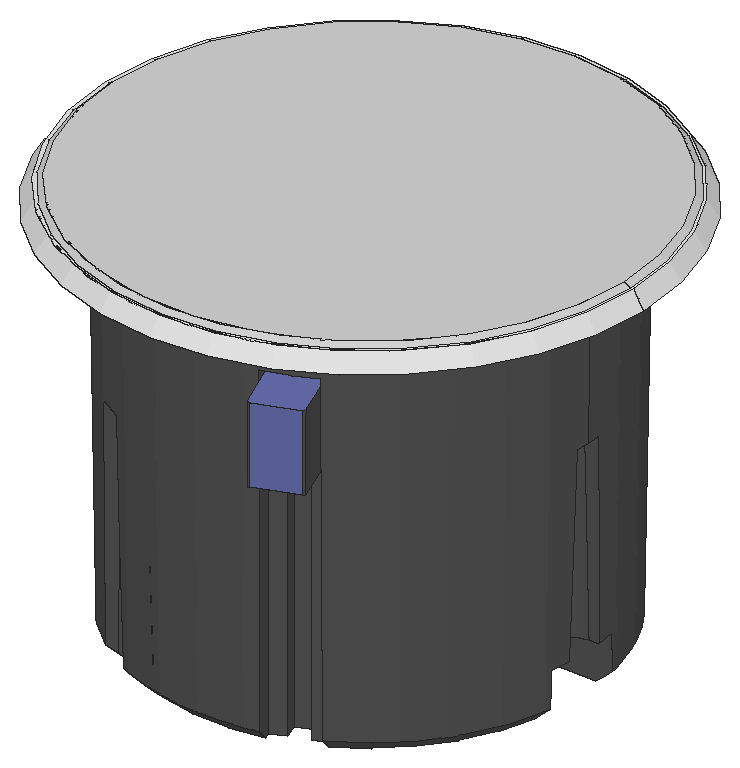
Revit family "QCI3", category Communication Devices, Revit 2020
Family settings
  Maintain Annotation Orientation = No
  Round Connector Dimension = Use Diameter
  Part Type = Normal
  Work Plane-Based = Yes
  Always vertical = No
  Cut with Voids When Loaded = Yes
  Shared = No
  Room Calculation Point = No
Parameters
  Weight (kg) [instance] = 0.9  # constant formula
  Thickness [instance] = 12 mm
  Square Grille [instance] = no
  Sensitivity [instance] = 84  # constant formula
  SPL Max (Peak) [instance] = 106  # constant formula
  Round Grille [instance] = yes
  Power Handling (Average) [instance] = 40  # constant formula
  Model = "QCI3"
  Manufacturer = "Tannoy"
  Impedance [instance] = 8  # constant formula
  Default Elevation = 0 mm
  Baffle Thickness [instance] = -Thickness  # -12 mm
Reference planes
  plane 1 "Center (Front/Back)": y = 0
  plane 2: z = 0
  plane 3 "Center (Left/Right)": x = 0
Forms (mm)
  Extrusion 1, solid, not visible
    sketch origin (0, 0, 0) x (1, 0, 0) y (0, 1, 0)
      loop
        line (-500, 500) -> (-500, -500) -> (500, -500) -> (500, 500) -> (-500, 500)
    from 0 to -12 <- "Baffle Thickness"
  Extrusion 2, void
    sketch origin (0, 0, 0) x (1, 0, 0) y (0, 1, 0)
      loop
        circle (0, 0) r 58.5
    from 0 to -12 <- "Baffle Thickness"
Cuts and joins
  Extrusion 2 cuts Extrusion 1
Dimensions and locks
  aligned and locked: level to plane 2
Nested families
  nested 1: "QCI3 - base2" at (0, 0, 0) x (1, 0, 0) z (0, 0, -1), Round Grille <- "Round Grille", Square Grille <- "Square Grille", Thickness <- "Thickness", type "QCI3 - base2"
    with Thickness 12 mm, Square Grille no, Round Grille yes
Connectors
  electrical at (31.673, 0.001, -99.1)
    settings: on nested 1, index 1, voltage 0 V, apparent load 0 VA, apparent load phase1 0 VA, apparent load phase2 0 VA, apparent load phase3 0 VA, power factor 1, load classification "Other", number of poles 1, system type 14, power factor state 1, is connector primary yes, connector utility no, sub classification motor no, connector description "Speaker In - 2pin"
Definition of nested family "QCI3 - base2"
  Parameters (values of type "QCI3 - base2")
    Thickness [instance] = 12 mm
    Square Grille [instance] = no
    Round Grille [instance] = yes
    Model = "QCI3"
    Manufacturer = "Tannoy"
    Default Elevation = 0 mm
  Reference planes
    plane 1 "Center (Front/Back)": y = 0
    plane 2: z = 0
    plane 3 "Center (Left/Right)": x = 0
  Lines and regions (mm)
    model lines, detail levels coarse
      curve 1: circle (0, 0, 0) r 90 normal (0, 0, 1)
  Dimensions and locks
    aligned and locked: level to plane 2
  Nested families
    nested 1: "QCI3 - base" at (0, 0, 0) x (1, 0, 0) z (0, 0, -1), Thickness <- "Thickness", type "QCI3 - base", detail levels medium+fine
      with Thickness 12 mm, Ear Start -12 mm, Ear End -32 mm
    nested 2: "QCI3 - Round Grille" at (0, 0, 0) x (1, 0, 0) z (0, 0, -1), visible <- "Round Grille", type "QCI3 - Round Grille", detail levels medium+fine
    nested 3: "QCI3 - Square Grille" at (0, 0, 0) x (1, 0, 0) z (0, 0, -1), visible <- "Square Grille", type "QCI3 - Square Grille", detail levels medium+fine
  Definition of nested family "QCI3 - base"
    Parameters (values of type "QCI3 - base")
      Thickness [instance] = 12 mm
      Model = "QCI3"
      Manufacturer = "Tannoy"
      Ear Start [instance] = if((Thickness < 9.5 mm), -9.5 mm, -Thickness)  # -12 mm
      Ear End [instance] = if((Thickness < 9.5 mm), -9.5 mm, -Thickness) - 20 mm  # -32 mm
      Default Elevation = 0 mm
    Reference planes
      plane 1 "Center (Front/Back)": y = 0
      plane 2: z = 0
      plane 3 "Center (Left/Right)": x = 0
    Forms (mm)
      Extrusion 1, solid
        sketch origin (0, 0, 0) x (1, 0, 0) y (0, 1, 0)
          loop
            circle (0, 0) r 67.146
        from 0 to 3.2
      Blend 2, solid
        base sketch origin (0, 0, 0) x (1, 0, 0) y (0, 1, 0)
          loop
            circle (0, 0) r 58.5
        top sketch origin (0, 0, 0) x (1, 0, 0) y (0, 1, 0)
          loop
            circle (0, 0) r 57
        from 0 to -96.4
      Blend 3, solid
        base sketch origin (0, 0, 0) x (1, 0, 0) y (0, 1, 0)
          loop
            circle (0, 0) r 57
        top sketch origin (0, 0, 0) x (1, 0, 0) y (0, 1, 0)
          loop
            circle (0, 0) r 53
        from -96.4 to -100
      Blend 4, void
        base sketch origin (0, 0, 0) x (1, 0, 0) y (0, 1, 0)
          loop
            arc (53.345, 25.795) -> (-59.263, 0.001) -> (53.345, -25.792) r 59.258
            line (53.345, -25.792) -> (53.345, 25.795)
        top sketch origin (0, 0, 0) x (1, 0, 0) y (0, 1, 0)
          loop
            arc (36.434, 15.392) -> (-39.561, 0.001) -> (36.434, -15.389) r 39.556
            arc (36.434, -15.389) -> (39.551, 0.001) -> (36.434, 15.392) r 39.556
        from 3.2 to -10
      Blend 5, void
        base sketch origin (0, 0, 0) x (1, 0, 0) y (0, 1, 0)
          loop
            circle (0, 0) r 28.531
        top sketch origin (0, 0, 0) x (1, 0, 0) y (0, 1, 0)
          loop
            circle (0, 0) r 13.405
        from -10 to -16
      Extrusion 6, void
        sketch origin (0, 0, 3.2) x (1, 0, 0) y (0, 1, 0)
          loop
            line (-50.784, 6.798) -> (-58.872, 6.798)
            arc (-58.872, 6.798) -> (-59.263, 0) -> (-58.871, -6.798) r 59.258
            line (-58.871, -6.798) -> (-50.784, -6.798) -> (-50.784, -2.571) -> (-46.533, -2.571) -> (-46.533, 2.571) -> (-50.784, 2.571) -> (-50.784, 6.798)
        from -12.7 to -103.2
      Extrusion 7, void
        sketch origin (0, 0, 3.2) x (-0.374607, -0.927184, 0) y (0.927184, -0.374607, 0)
          loop
            line (-50.784, 6.798) -> (-58.872, 6.798)
            arc (-58.872, 6.798) -> (-59.263, 0) -> (-58.871, -6.798) r 59.258
            line (-58.871, -6.798) -> (-50.784, -6.798) -> (-50.784, -2.571) -> (-46.533, -2.571) -> (-46.533, 2.571) -> (-50.784, 2.571) -> (-50.784, 6.798)
        from -12.7 to -103.2
      Extrusion 8, void
        sketch origin (0, 0, 3.2) x (-0.374607, 0.927184, 0) y (-0.927184, -0.374607, 0)
          loop
            line (-50.784, -6.798) -> (-50.784, -2.571) -> (-46.533, -2.571) -> (-46.533, 2.571) -> (-50.784, 2.571) -> (-50.784, 6.798) -> (-58.871, 6.798)
            arc (-58.871, 6.798) -> (-59.263, 0) -> (-58.872, -6.798) r 59.258
            line (-58.872, -6.798) -> (-50.784, -6.798)
        from -12.7 to -103.2
      Extrusion 9, void
        sketch origin (0, 0, 3.2) x (1, 0, 0) y (0, 1, 0)
          loop
            arc (32.069, 10.191) -> (29.119, 8.969) -> (27.897, 6.019) r 4.172
            line (27.897, 6.019) -> (27.897, -6.015)
            arc (27.897, -6.015) -> (29.117, -8.968) -> (32.069, -10.191) r 4.172
            line (32.069, -10.191) -> (57.605, -10.191)
            arc (57.605, -10.191) -> (58.5, 0) -> (57.605, 10.191) r 58.5
            line (57.605, 10.191) -> (32.069, 10.191)
        from -90.3 to -103.2
      Blend 10, void
        base sketch origin (0, 0, 3.2) x (1, 0, 0) y (0, 1, 0)
          loop
            arc (54.119, 5.311) -> (48.81, 0.001) -> (54.119, -5.308) r 5.309
            line (54.119, -5.308) -> (58.387, -5.311)
            arc (58.387, -5.311) -> (58.628, 0) -> (58.387, 5.311) r 58.569
            line (58.387, 5.311) -> (54.119, 5.311)
        top sketch origin (0, 0, 3.2) x (1, 0, 0) y (0, 1, 0)
          loop
            arc (54.112, 3.51) -> (50.606, 0.004) -> (54.112, -3.51) r 3.506
            line (54.112, -3.51) -> (58.523, -3.51)
            arc (58.523, -3.51) -> (58.628, 0) -> (58.523, 3.51) r 58.569
            line (58.523, 3.51) -> (54.112, 3.51)
        from -103.2 to -40.2
      Extrusion 11, solid
        sketch origin (0, 0, -87.1) x (0, 1, 0) y (1, 0, 0)
          loop
            line (5.012, 28.564) -> (5.012, 34.781) -> (-5.01, 34.781) -> (-5.01, 28.564) -> (5.012, 28.564)
        from 0 to 12
      Blend 12, void
        base sketch origin (0, 0, 3.2) x (-0.501158, -0.865356, 0) y (0.865356, -0.501158, 0)
          loop
            arc (54.119, 5.311) -> (48.81, 0.001) -> (54.119, -5.308) r 5.309
            line (54.119, -5.308) -> (58.387, -5.311)
            arc (58.387, -5.311) -> (58.628, 0) -> (58.387, 5.311) r 58.569
            line (58.387, 5.311) -> (54.119, 5.311)
        top sketch origin (0, 0, 3.2) x (-0.501158, -0.865356, 0) y (0.865356, -0.501158, 0)
          loop
            arc (54.112, 3.51) -> (50.606, 0.004) -> (54.112, -3.51) r 3.506
            line (54.112, -3.51) -> (58.523, -3.51)
            arc (58.523, -3.51) -> (58.628, 0) -> (58.523, 3.51) r 58.569
            line (58.523, 3.51) -> (54.112, 3.51)
        from -103.2 to -40.2
      Blend 13, void
        base sketch origin (0, 0, 3.2) x (-0.501158, 0.865356, 0) y (-0.865356, -0.501158, 0)
          loop
            line (54.119, -5.311) -> (58.387, -5.311)
            arc (58.387, -5.311) -> (58.628, 0) -> (58.387, 5.311) r 58.569
            line (58.387, 5.311) -> (54.119, 5.308)
            arc (54.119, 5.308) -> (48.81, -0.001) -> (54.119, -5.311) r 5.309
        top sketch origin (0, 0, 3.2) x (-0.501158, 0.865356, 0) y (-0.865356, -0.501158, 0)
          loop
            line (54.112, -3.51) -> (58.523, -3.51)
            arc (58.523, -3.51) -> (58.628, 0) -> (58.523, 3.51) r 58.569
            line (58.523, 3.51) -> (54.112, 3.51)
            arc (54.112, 3.51) -> (50.606, -0.004) -> (54.112, -3.51) r 3.506
        from -103.2 to -40.2
      Extrusion 14, solid
        sketch origin (0, 0, 0) x (1, 0, 0) y (0, 1, 0)
          loop
            line (-51.694, 6.515) -> (-67.206, 6.328)
            arc (-67.206, 6.328) -> (-67.557, 6.178) -> (-67.699, 5.824) r 0.5
            line (-67.699, 5.824) -> (-67.699, -5.822)
            arc (-67.699, -5.822) -> (-67.557, -6.176) -> (-67.206, -6.326) r 0.499
            line (-67.206, -6.326) -> (-51.694, -6.488) -> (-51.694, -2.571) -> (-49.762, -2.571) -> (-49.762, 2.571) -> (-51.694, 2.571) -> (-51.694, 6.515)
        from -12 <- "Ear Start" to -32 <- "Ear End"
      Extrusion 15, solid
        sketch origin (0, 0, 0) x (-0.374607, -0.927184, 0) y (0.927184, -0.374607, 0)
          loop
            line (-51.694, 6.515) -> (-67.206, 6.328)
            arc (-67.206, 6.328) -> (-67.557, 6.178) -> (-67.699, 5.824) r 0.5
            line (-67.699, 5.824) -> (-67.699, -5.822)
            arc (-67.699, -5.822) -> (-67.557, -6.176) -> (-67.206, -6.326) r 0.499
            line (-67.206, -6.326) -> (-51.694, -6.488) -> (-51.694, -2.571) -> (-49.762, -2.571) -> (-49.762, 2.571) -> (-51.694, 2.571) -> (-51.694, 6.515)
        from -12 <- "Ear Start" to -32 <- "Ear End"
      Extrusion 16, solid
        sketch origin (0, 0, 0) x (-0.374607, 0.927184, 0) y (-0.927184, -0.374607, 0)
          loop
            line (-51.694, -6.515) -> (-51.694, -2.571) -> (-49.762, -2.571) -> (-49.762, 2.571) -> (-51.694, 2.571) -> (-51.694, 6.488) -> (-67.206, 6.326)
            arc (-67.206, 6.326) -> (-67.557, 6.176) -> (-67.699, 5.822) r 0.499
            line (-67.699, 5.822) -> (-67.699, -5.824)
            arc (-67.699, -5.824) -> (-67.557, -6.178) -> (-67.206, -6.328) r 0.5
            line (-67.206, -6.328) -> (-51.694, -6.515)
        from -12 <- "Ear Start" to -32 <- "Ear End"
    Cuts and joins
      Blend 4, Blend 5, Extrusion 6, Extrusion 7, Extrusion 8, Extrusion 9, Blend 13 cuts Extrusion 1
      Blend 4, Blend 5, Extrusion 6, Extrusion 7, Extrusion 8, Extrusion 9, Blend 10, Blend 12, Blend 13 cuts Blend 2
      Extrusion 6, Extrusion 7, Extrusion 8, Extrusion 9, Blend 12, Blend 13 cuts Blend 3
      joined: Extrusion 1, Blend 2, Blend 3
    Lines and regions (mm)
      model lines
        curve 1: line (-58.442, 9.515, 3.2) -> (-62.312, 9.515, 3.2)
        curve 2: arc (-62.312, 9.515, 3.2) -> (-64.13, 8.75, 3.2) -> (-64.851, 6.914, 3.2) r 2.54
        curve 3: arc (-64.851, 6.914, 3.2) -> (-65.127, 3.462, 3.2) -> (-65.219, 0, 3.2) r 65.219
        curve 4: arc (-62.265, 0, 3.2) -> (-62.17, 3.44, 3.2) -> (-61.885, 6.869, 3.2) r 62.265
        curve 5: arc (-59.87, 9.217, 3.2) -> (-61.308, 8.412, 3.2) -> (-61.885, 6.869, 3.2) r 2.393
        curve 6: line (-59.87, 9.217, 3.2) -> (-58.494, 9.217, 3.2)
        curve 7: line (-58.442, -9.515, 3.2) -> (-62.312, -9.515, 3.2)
        curve 8: arc (-62.312, -9.515, 3.2) -> (-64.13, -8.75, 3.2) -> (-64.851, -6.914, 3.2) r 2.54
        curve 9: arc (-64.851, -6.914, 3.2) -> (-65.127, -3.462, 3.2) -> (-65.219, 0, 3.2) r 65.219
        curve 10: arc (-62.265, 0, 3.2) -> (-62.17, -3.44, 3.2) -> (-61.885, -6.869, 3.2) r 62.265
        curve 11: arc (-59.87, -9.217, 3.2) -> (-61.308, -8.412, 3.2) -> (-61.885, -6.869, 3.2) r 2.393
        curve 12: line (-59.87, -9.217, 3.2) -> (-58.494, -9.217, 3.2)
        curve 13: line (30.714, 50.622, 3.2) -> (32.164, 54.211, 3.2)
        curve 14: arc (32.164, 54.211, 3.2) -> (32.135, 56.183, 3.2) -> (30.703, 57.54, 3.2) r 2.54
        curve 15: arc (30.703, 57.54, 3.2) -> (27.606, 59.088, 3.2) -> (24.43, 60.471, 3.2) r 65.219
        curve 16: arc (23.324, 57.732, 3.2) -> (26.478, 56.355, 3.2) -> (29.551, 54.806, 3.2) r 62.265
        curve 17: arc (30.972, 52.058, 3.2) -> (30.765, 53.693, 3.2) -> (29.551, 54.806, 3.2) r 2.393
        curve 18: line (30.972, 52.058, 3.2) -> (30.457, 50.783, 3.2)
        curve 19: line (13.069, 57.751, 3.2) -> (14.519, 61.34, 3.2)
        curve 20: arc (14.519, 61.34, 3.2) -> (15.91, 62.738, 3.2) -> (17.882, 62.72, 3.2) r 2.54
        curve 21: arc (17.882, 62.72, 3.2) -> (21.186, 61.682, 3.2) -> (24.43, 60.471, 3.2) r 65.219
        curve 22: arc (23.324, 57.732, 3.2) -> (20.099, 58.932, 3.2) -> (16.812, 59.953, 3.2) r 62.265
        curve 23: arc (13.881, 58.963, 3.2) -> (15.165, 59.995, 3.2) -> (16.812, 59.953, 3.2) r 2.393
        curve 24: line (13.881, 58.963, 3.2) -> (13.366, 57.687, 3.2)
        curve 25: line (13.04, -57.758, 3.2) -> (14.488, -61.347, 3.2)
        curve 26: arc (14.488, -61.347, 3.2) -> (15.878, -62.746, 3.2) -> (17.85, -62.729, 3.2) r 2.54
        curve 27: arc (17.85, -62.729, 3.2) -> (21.154, -61.693, 3.2) -> (24.399, -60.483, 3.2) r 65.219
        curve 28: arc (23.294, -57.744, 3.2) -> (20.069, -58.942, 3.2) -> (16.782, -59.961, 3.2) r 62.265
        curve 29: arc (13.851, -58.97, 3.2) -> (15.135, -60.003, 3.2) -> (16.782, -59.961, 3.2) r 2.393
        curve 30: line (13.851, -58.97, 3.2) -> (13.336, -57.694, 3.2)
        curve 31: line (30.688, -50.638, 3.2) -> (32.136, -54.228, 3.2)
        curve 32: arc (32.136, -54.228, 3.2) -> (32.106, -56.2, 3.2) -> (30.674, -57.555, 3.2) r 2.54
        curve 33: arc (30.674, -57.555, 3.2) -> (27.576, -59.103, 3.2) -> (24.399, -60.483, 3.2) r 65.219
        curve 34: arc (23.294, -57.744, 3.2) -> (26.449, -56.369, 3.2) -> (29.523, -54.821, 3.2) r 62.265
        curve 35: arc (30.946, -52.074, 3.2) -> (30.738, -53.709, 3.2) -> (29.523, -54.821, 3.2) r 2.393
        curve 36: line (30.946, -52.074, 3.2) -> (30.431, -50.798, 3.2)
        curve 37: circle (-43.577, 43.584, 3.2) r 2.535 normal (0, 0, 1)
        curve 38: circle (43.586, 43.584, 3.2) r 2.535 normal (0, 0, 1)
        curve 39: circle (43.582, -43.579, 3.2) r 2.536 normal (0, 0, 1)
        curve 40: circle (-43.581, -43.579, 3.2) r 2.536 normal (0, 0, 1)
        curve 41: circle (-39.455, -28.149, -100) r 4.014 normal (0, 0, 1)
    Dimensions and locks
      aligned and locked: level to plane 2
  Definition of nested family "QCI3 - Round Grille"
    Parameters (values of type "QCI3 - Round Grille")
      Model = "QCI3 round grille"
      Manufacturer = "Tannoy"
      Default Elevation = 0 mm
    Reference planes
      plane 1 "Center (Front/Back)": y = 0
      plane 2: z = 0
      plane 3 "Center (Left/Right)": x = 0
    Forms (mm)
      Blend 1, solid
        base sketch origin (0, 0, 0) x (1, 0, 0) y (0, 1, 0)
          loop
            circle (0, 0) r 72.862
        top sketch origin (0, 0, 0) x (1, 0, 0) y (0, 1, 0)
          loop
            circle (0, 0) r 70.149
        from 0 to 4.2
      Blend 2, solid
        base sketch origin (0, 0, 0) x (1, 0, 0) y (0, 1, 0)
          loop
            circle (0, 0) r 69.371
        top sketch origin (0, 0, 0) x (1, 0, 0) y (0, 1, 0)
          loop
            circle (0, 0) r 67.869
        from 4.2 to 5.2
    Dimensions and locks
      aligned and locked: level to plane 2
  Definition of nested family "QCI3 - Square Grille"
    Parameters
      Default Elevation = 1219.2 mm
    Reference planes
      plane 1 "Center (Front/Back)": y = 0
      plane 2: z = 0
      plane 3 "Center (Left/Right)": x = 0
    Forms (mm)
      Blend 1, solid
        base sketch origin (0, 0, 0) x (1, 0, 0) y (0, 1, 0)
          loop
            arc (-73.501, 76.997) -> (-75.976, 75.972) -> (-77.001, 73.497) r 3.5
            line (-77.001, 73.497) -> (-77.001, -73.503)
            arc (-77.001, -73.503) -> (-75.976, -75.978) -> (-73.501, -77.003) r 3.5
            line (-73.501, -77.003) -> (73.499, -77.003)
            arc (73.499, -77.003) -> (75.974, -75.978) -> (76.999, -73.503) r 3.5
            line (76.999, -73.503) -> (76.999, 73.497)
            arc (76.999, 73.497) -> (75.974, 75.972) -> (73.499, 76.997) r 3.5
            line (73.499, 76.997) -> (-73.501, 76.997)
        top sketch origin (0, 0, 0) x (1, 0, 0) y (0, 1, 0)
          loop
            arc (-68.708, 73.706) -> (-72.244, 72.242) -> (-73.708, 68.706) r 5
            line (-73.708, 68.706) -> (-73.708, -68.712)
            arc (-73.708, -68.712) -> (-72.244, -72.248) -> (-68.708, -73.712) r 5
            line (-68.708, -73.712) -> (68.706, -73.712)
            arc (68.706, -73.712) -> (72.242, -72.248) -> (73.706, -68.712) r 5
            line (73.706, -68.712) -> (73.706, 68.706)
            arc (73.706, 68.706) -> (72.242, 72.242) -> (68.706, 73.706) r 5
            line (68.706, 73.706) -> (-68.708, 73.706)
        from 0 to 3.8
      Blend 2, solid
        base sketch origin (0, 0, 0) x (1, 0, 0) y (0, 1, 0)
          loop
            arc (-68.107, 73.109) -> (-71.643, 71.645) -> (-73.107, 68.109) r 5
            line (-73.107, 68.109) -> (-73.107, -68.109)
            arc (-73.107, -68.109) -> (-71.643, -71.645) -> (-68.107, -73.109) r 5
            line (-68.107, -73.109) -> (68.109, -73.109)
            arc (68.109, -73.109) -> (71.645, -71.645) -> (73.109, -68.109) r 5
            line (73.109, -68.109) -> (73.109, 68.109)
            arc (73.109, 68.109) -> (71.645, 71.645) -> (68.109, 73.109) r 5
            line (68.109, 73.109) -> (-68.107, 73.109)
        top sketch origin (0, 0, 0) x (1, 0, 0) y (0, 1, 0)
          loop
            arc (-68.104, 71.902) -> (-70.791, 70.789) -> (-71.904, 68.102) r 3.8
            line (-71.904, 68.102) -> (-71.904, -68.108)
            arc (-71.904, -68.108) -> (-70.791, -70.795) -> (-68.104, -71.909) r 3.8
            line (-68.104, -71.909) -> (68.106, -71.909)
            arc (68.106, -71.909) -> (70.793, -70.796) -> (71.906, -68.109) r 3.8
            line (71.906, -68.109) -> (71.906, 68.102)
            arc (71.906, 68.102) -> (70.793, 70.789) -> (68.106, 71.902) r 3.8
            line (68.106, 71.902) -> (-68.104, 71.902)
        from 3.8 to 4.9
    Dimensions and locks
      aligned and locked: level to plane 2
